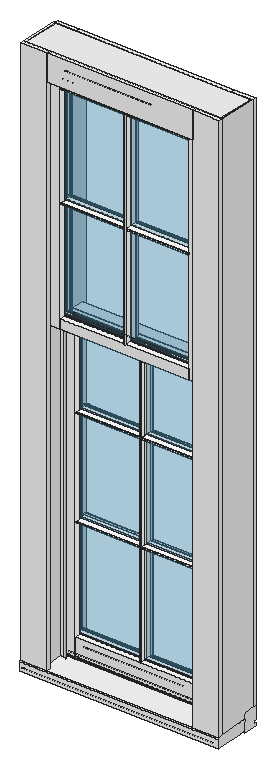
Revit family "B1-46", category Generic Models, Revit 2012 (continued)
Forms (mm)
  Extrusion 85, solid, material "White" <- "Floor Material", detail levels fine
    sketch origin (450.141, -53.004, 1632.14) x (0, 0, 1) y (0, 1, 0)
      loop
        line (-6.825, 99.5) -> (-6.825, 97) -> (-8.825, 97) -> (-8.825, 91)
      loop
        line (-8.825, 61.911) -> (-1.376, 53.757) -> (-1.376, 51.757) -> (3.624, 51.757) -> (3.624, 53.757) -> (11.175, 64.711) -> (-8.825, 64.711) -> (-8.825, 61.911)
    from 625.219 to 1118.062
  Extrusion 86, solid, material "White" <- "Floor Material"
    sketch origin (450.141, 0, 2031.409) x (0, 0, 1) y (0, 1, 0)
      loop
        line (-408.094, 34) -> (-408.094, 18) -> (-388.094, 18) -> (-388.094, 34) -> (-408.094, 34)
    from 624.219 to 1108
  Extrusion 87, solid, material "White" <- "Floor Material"
    sketch origin (911.333, -571.902, 1866.371) x (0, 0, -1) y (0, -1, 0)
      loop
        line (-162.504, -643.402) -> (-199.504, -643.402)
        arc (-199.504, -643.402) -> (-201.625, -644.281) -> (-202.504, -646.402) r 3
        line (-202.504, -646.402) -> (-202.504, -651.402) -> (-196.504, -651.402) -> (-196.504, -654.402) -> (-202.504, -654.402) -> (-202.504, -667.402) -> (-196.504, -667.402) -> (-196.504, -679.402) -> (-202.504, -679.402) -> (-202.504, -700.402)
        arc (-202.504, -700.402) -> (-201.625, -702.524) -> (-199.504, -703.402) r 3
        line (-199.504, -703.402) -> (-162.504, -703.402) -> (-162.504, -643.402)
    from 1080.412 to 1585.254
  Extrusion 88, solid, material "White" <- "Floor Material"
    sketch origin (-1539.933, -714.403, 1867.496) x (0, 0, -1) y (0, 1, 0)
      loop
        arc (-199.504, 774.402) -> (-201.625, 773.524) -> (-202.504, 771.402) r 3
        line (-202.504, 771.402) -> (-202.504, 766.402) -> (-196.504, 766.402) -> (-196.504, 763.402) -> (-202.504, 763.402) -> (-202.504, 750.402) -> (-196.504, 750.402) -> (-196.504, 738.402) -> (-202.504, 738.402) -> (-202.504, 717.402)
        arc (-202.504, 717.402) -> (-201.625, 715.281) -> (-199.504, 714.402) r 3
        line (-199.504, 714.402) -> (-156.504, 714.402) -> (-146.504, 724.402) -> (-146.504, 726.402) -> (-162.504, 726.402) -> (-162.504, 774.402) -> (-199.504, 774.402)
    from 872.011 to 1364.854
  Extrusion 89, solid, material "White" <- "Floor Material", detail levels fine
    sketch origin (450.141, 19.711, 511.865) x (0, 0, 1) y (0, 1, 0)
      loop
        line (365.175, 91) -> (385.175, 91) -> (385.175, 97) -> (383.175, 97) -> (383.175, 99.5)
        arc (383.175, 99.5) -> (381.469, 104.016) -> (377.675, 107) r 9
        line (377.675, 107) -> (377.675, 109) -> (372.675, 109) -> (372.675, 107)
        arc (372.675, 107) -> (368.881, 104.016) -> (367.175, 99.5) r 9
        line (367.175, 99.5) -> (367.175, 97) -> (365.175, 97) -> (365.175, 91)
      loop
        line (365.175, 61.911) -> (372.624, 53.757) -> (372.624, 51.757) -> (377.624, 51.757) -> (377.624, 53.757) -> (385.175, 64.711) -> (365.175, 64.711) -> (365.175, 61.911)
    from 625.219 to 1118.062
  Extrusion 90, solid, material "White" <- "Floor Material"
    sketch origin (450.141, 72.715, 911.134) x (0, 0, 1) y (0, 1, 0)
      loop
        line (-34.094, 34) -> (-34.094, 18) -> (-14.094, 18) -> (-14.094, 34) -> (-34.094, 34)
    from 624.219 to 1108
Dimensions and locks
  plane 4 to level = 2144 mm
  plane 8 to plane 5 = 131 mm
  plane 9 to plane 7 = 174 mm
  locked: plane 10 to plane 11 at 44
  locked: plane 4 to plane 12 at 100
  locked: plane 13 to plane 12 at 14
  plane 14 to level = 33 mm
  locked: Extrusion 56 to Extrusion 56 at 6
  Extrusion 4 to Extrusion 4 = 4 mm
  locked: plane 4 to plane 15 at 82
  plane 16 to level = 68 mm
  plane 16 to plane 2 = 68 mm
  plane 19 to plane 12 = 100 mm
  "Width": plane 17 to plane 5
  locked: Extrusion 78 to Extrusion 78 at 6
  plane 17 to plane 22 = 131 mm
  Extrusion 81 sketch curve to Extrusion 81 sketch curve = 8 mm  (x2)
  Extrusion 81 sketch curve to Extrusion 81 sketch curve = 26 mm
  plane 19 to level = 2144 mm
  plane 26 to level = 1628.52 mm
  plane 12 to plane 27 = 30.062 mm
  plane 28 to level = 503.56 mm
  plane 29 to level = 877.04 mm
  aligned and locked: level to plane 2
  aligned and locked: Extrusion 5 to Extrusion 6
  aligned and locked: Extrusion 33 to Extrusion 32
  aligned and locked: Extrusion 15 to plane 8
  aligned and locked: Extrusion 13 to plane 8
  aligned and locked: Extrusion 20 to plane 8
  aligned and locked: Extrusion 17 to plane 8
  aligned and locked: Extrusion 19 to plane 8
  aligned and locked: Extrusion 16 to plane 8
  aligned and locked: Extrusion 18 to plane 8
  aligned and locked: Extrusion 21 to plane 8
  aligned and locked: Extrusion 8 to plane 8
  aligned and locked: Extrusion 10 to plane 8
  aligned and locked: Extrusion 3 to plane 8
  aligned and locked: Extrusion 9 to plane 8
  aligned and locked: Extrusion 5 to plane 8
  aligned and locked: Extrusion 7 to plane 8
  aligned and locked: Extrusion 2 to plane 8
  aligned and locked: Extrusion 6 to plane 8
  aligned and locked: Extrusion 9 to Extrusion 15
  aligned and locked: Extrusion 8 to Extrusion 15
  aligned and locked: Extrusion 28 to plane 8
  aligned and locked: Extrusion 26 to plane 8
  aligned and locked: Extrusion 30 to plane 8
  aligned and locked: Extrusion 33 to plane 8
  aligned and locked: Extrusion 32 to plane 8
  aligned and locked: Extrusion 34 to plane 8
  aligned and locked: Extrusion 35 to plane 8
  aligned and locked: Extrusion 31 to plane 8
  aligned and locked: Extrusion 27 to plane 8
  aligned and locked: Extrusion 4 to plane 8
  aligned and locked: plane 10 to Extrusion 2
  aligned and locked: plane 11 to Extrusion 1
  aligned and locked: Extrusion 42 to plane 11
  aligned and locked: Extrusion 41 to plane 11
  aligned and locked: plane 13 to Extrusion 41
  aligned and locked: plane 13 to Extrusion 42
  aligned and locked: plane 13 to Extrusion 52
  aligned and locked: plane 13 to Extrusion 51
  aligned and locked: plane 13 to Extrusion 50
  aligned and locked: plane 13 to Extrusion 44
  aligned and locked: Extrusion 14 to Extrusion 53
  aligned and locked: Extrusion 24 to plane 17
  aligned and locked: plane 20 to Extrusion 55
  aligned and locked: plane 4 to Extrusion 54
  aligned and locked: plane 4 to Extrusion 56
  aligned and locked: Sweep 58 sketch curve to plane 21
Automatic sketch dimensions
  plane 10 to Extrusion 3 sketch curve = 1.398 mm  (x2)
  Extrusion 3 sketch curve to plane 1 "Center (Front/Back)" = 12 mm
  Extrusion 3 sketch curve to Extrusion 3 sketch curve = 2 mm  (x2)
  plane 10 to Extrusion 3 sketch curve = 1.89 mm
  Extrusion 3 sketch curve to Extrusion 3 sketch curve = 24 mm  (x2)
  Extrusion 3 sketch curve to Extrusion 3 sketch curve = 3 mm  (x2)
  Extrusion 3 sketch curve to Extrusion 3 sketch curve = 4 mm  (x2)
  plane 11 to Extrusion 3 sketch curve = 4.398 mm
  Extrusion 3 sketch curve to Extrusion 3 sketch curve = 42 mm
  plane 11 to Extrusion 3 sketch curve = 0.907 mm
  plane 11 to Extrusion 3 sketch curve = 5.398 mm
  plane 11 to Extrusion 3 sketch curve = 1.398 mm  (x2)
  plane 11 to Extrusion 3 sketch curve = 1.153 mm
  Extrusion 3 sketch curve to Extrusion 3 sketch curve = 0.246 mm
  Extrusion 3 sketch curve to plane 10 = 2.602 mm
  Extrusion 3 sketch curve to plane 10 = 1.602 mm
  Extrusion 3 sketch curve to plane 10 = 1.356 mm
  plane 10 to Extrusion 3 sketch curve = 1.644 mm
  plane 7 to Extrusion 4 sketch curve = 67.764 mm
  Extrusion 4 sketch curve to Extrusion 4 sketch curve = 4 mm  (x2)
  plane 11 to Extrusion 4 sketch curve = 5.398 mm
  Extrusion 4 sketch curve to Extrusion 4 sketch curve = 16 mm
  plane 11 to Extrusion 4 sketch curve = 3.398 mm
  plane 16 to Extrusion 4 sketch curve = 49.004 mm
  Extrusion 4 sketch curve to Extrusion 4 sketch curve = 0 mm
  Extrusion 5 sketch curve to plane 10 = 14.702 mm
  Extrusion 5 sketch curve to plane 1 "Center (Front/Back)" = 61.71 mm
  Extrusion 5 sketch curve to Extrusion 5 sketch curve = 0.207 mm
  Extrusion 5 sketch curve to Extrusion 5 sketch curve = 0.208 mm
  Extrusion 5 sketch curve to Extrusion 5 sketch curve = 0.097 mm  (x2)
  Extrusion 5 sketch curve to Extrusion 5 sketch curve = 0.695 mm
  Extrusion 5 sketch curve to Extrusion 5 sketch curve = 0.01 mm
  Extrusion 5 sketch curve to Extrusion 5 sketch curve = 0.515 mm
  Extrusion 5 sketch curve to Extrusion 5 sketch curve = 0.807 mm
  Extrusion 5 sketch curve to Extrusion 5 sketch curve = 0.052 mm
  Extrusion 5 sketch curve to Extrusion 5 sketch curve = 0.494 mm
  Extrusion 5 sketch curve to Extrusion 5 sketch curve = 0.432 mm
  Extrusion 5 sketch curve to Extrusion 5 sketch curve = 0.799 mm
  Extrusion 5 sketch curve to Extrusion 5 sketch curve = 0.784 mm
  Extrusion 5 sketch curve to Extrusion 5 sketch curve = 0.893 mm  (x3)
  Extrusion 5 sketch curve to Extrusion 5 sketch curve = 3.071 mm
  Extrusion 5 sketch curve to Extrusion 5 sketch curve = 2.464 mm
  Extrusion 5 sketch curve to Extrusion 5 sketch curve = 0.602 mm  (x2)
  Extrusion 5 sketch curve to Extrusion 5 sketch curve = 2.962 mm
  Extrusion 5 sketch curve to Extrusion 5 sketch curve = 0.109 mm
  Extrusion 5 sketch curve to Extrusion 5 sketch curve = 0.606 mm
  Extrusion 5 sketch curve to Extrusion 5 sketch curve = 1.622 mm
  Extrusion 5 sketch curve to Extrusion 5 sketch curve = 0.373 mm
  Extrusion 5 sketch curve to Extrusion 5 sketch curve = 2.848 mm
  Extrusion 5 sketch curve to Extrusion 5 sketch curve = 0.798 mm
  Extrusion 5 sketch curve to Extrusion 5 sketch curve = 0.078 mm
  Extrusion 5 sketch curve to Extrusion 5 sketch curve = 0.64 mm
  Extrusion 5 sketch curve to Extrusion 5 sketch curve = 0.422 mm
  Extrusion 5 sketch curve to Extrusion 5 sketch curve = 1.377 mm
  Extrusion 5 sketch curve to Extrusion 5 sketch curve = 1.698 mm
  Extrusion 5 sketch curve to Extrusion 5 sketch curve = 0.083 mm
  Extrusion 5 sketch curve to Extrusion 5 sketch curve = 2.325 mm
  Extrusion 5 sketch curve to Extrusion 5 sketch curve = 2.362 mm
  Extrusion 5 sketch curve to Extrusion 5 sketch curve = 0.218 mm
  Extrusion 5 sketch curve to Extrusion 5 sketch curve = 0.794 mm  (x2)
  Extrusion 5 sketch curve to Extrusion 5 sketch curve = 0.584 mm
  Extrusion 5 sketch curve to Extrusion 5 sketch curve = 0.621 mm
  Extrusion 5 sketch curve to Extrusion 5 sketch curve = 0.663 mm
  Extrusion 5 sketch curve to Extrusion 5 sketch curve = 0.085 mm
  Extrusion 5 sketch curve to Extrusion 5 sketch curve = 0.645 mm
  Extrusion 5 sketch curve to Extrusion 5 sketch curve = 1.316 mm
  Extrusion 5 sketch curve to Extrusion 5 sketch curve = 0.482 mm
  Extrusion 5 sketch curve to Extrusion 5 sketch curve = 0.026 mm
  Extrusion 5 sketch curve to Extrusion 5 sketch curve = 2.763 mm
  Extrusion 5 sketch curve to Extrusion 5 sketch curve = 0.86 mm
  Extrusion 6 sketch curve to plane 10 = 14.602 mm
  Extrusion 6 sketch curve to plane 1 "Center (Front/Back)" = 61.71 mm
  Extrusion 6 sketch curve to Extrusion 6 sketch curve = 0.208 mm
  Extrusion 6 sketch curve to Extrusion 6 sketch curve = 0.098 mm
  Extrusion 6 sketch curve to Extrusion 6 sketch curve = 0.097 mm  (x5)
  Extrusion 6 sketch curve to Extrusion 6 sketch curve = 0.697 mm  (x2)
  Extrusion 6 sketch curve to Extrusion 6 sketch curve = 0.518 mm
  Extrusion 6 sketch curve to Extrusion 6 sketch curve = 0.694 mm
  Extrusion 6 sketch curve to Extrusion 6 sketch curve = 0.165 mm
  Extrusion 6 sketch curve to Extrusion 6 sketch curve = 0.689 mm
  Extrusion 6 sketch curve to Extrusion 6 sketch curve = 0.644 mm
  Extrusion 6 sketch curve to Extrusion 6 sketch curve = 0.799 mm
  Extrusion 6 sketch curve to Extrusion 6 sketch curve = 0.794 mm  (x4)
  Extrusion 6 sketch curve to Extrusion 6 sketch curve = 3.119 mm
  Extrusion 6 sketch curve to Extrusion 6 sketch curve = 2.365 mm
  Extrusion 6 sketch curve to Extrusion 6 sketch curve = 0.661 mm  (x2)
  Extrusion 6 sketch curve to Extrusion 6 sketch curve = 3.021 mm
  Extrusion 6 sketch curve to Extrusion 6 sketch curve = 0.541 mm
  Extrusion 6 sketch curve to Extrusion 6 sketch curve = 1.585 mm
  Extrusion 6 sketch curve to Extrusion 6 sketch curve = 0.629 mm
  Extrusion 6 sketch curve to Extrusion 6 sketch curve = 2.86 mm
  Extrusion 6 sketch curve to Extrusion 6 sketch curve = 0.091 mm
  Extrusion 6 sketch curve to Extrusion 6 sketch curve = 0.411 mm
  Extrusion 6 sketch curve to Extrusion 6 sketch curve = 0.739 mm
  Extrusion 6 sketch curve to Extrusion 6 sketch curve = 0.509 mm
  Extrusion 6 sketch curve to Extrusion 6 sketch curve = 1.464 mm
  Extrusion 6 sketch curve to Extrusion 6 sketch curve = 1.698 mm
  Extrusion 6 sketch curve to Extrusion 6 sketch curve = 0.134 mm
  Extrusion 6 sketch curve to Extrusion 6 sketch curve = 2.325 mm
  Extrusion 6 sketch curve to Extrusion 6 sketch curve = 2.323 mm
  Extrusion 6 sketch curve to Extrusion 6 sketch curve = 0.2 mm
  Extrusion 6 sketch curve to Extrusion 6 sketch curve = 0.501 mm
  Extrusion 6 sketch curve to Extrusion 6 sketch curve = 0.092 mm
  Extrusion 6 sketch curve to Extrusion 6 sketch curve = 0.722 mm
  Extrusion 6 sketch curve to Extrusion 6 sketch curve = 0.763 mm
  Extrusion 6 sketch curve to Extrusion 6 sketch curve = 0.744 mm
  Extrusion 6 sketch curve to Extrusion 6 sketch curve = 1.416 mm
  Extrusion 6 sketch curve to Extrusion 6 sketch curve = 0.365 mm
  Extrusion 6 sketch curve to Extrusion 6 sketch curve = 0.077 mm
  Extrusion 6 sketch curve to Extrusion 6 sketch curve = 2.759 mm
  Extrusion 6 sketch curve to Extrusion 6 sketch curve = 0.941 mm
  Extrusion 7 sketch curve to plane 10 = 14.319 mm
  Extrusion 7 sketch curve to plane 1 "Center (Front/Back)" = 56.897 mm
  Extrusion 7 sketch curve to Extrusion 7 sketch curve = 0.097 mm  (x2)
  Extrusion 7 sketch curve to Extrusion 7 sketch curve = 0.233 mm
  Extrusion 7 sketch curve to Extrusion 7 sketch curve = 0.437 mm
  Extrusion 7 sketch curve to Extrusion 7 sketch curve = 0.496 mm
  Extrusion 7 sketch curve to Extrusion 7 sketch curve = 0.065 mm
  Extrusion 7 sketch curve to Extrusion 7 sketch curve = 0.807 mm
  Extrusion 7 sketch curve to Extrusion 7 sketch curve = 0.052 mm
  Extrusion 7 sketch curve to Extrusion 7 sketch curve = 0.552 mm
  Extrusion 7 sketch curve to Extrusion 7 sketch curve = 0.432 mm
  Extrusion 7 sketch curve to Extrusion 7 sketch curve = 0.07 mm
  Extrusion 7 sketch curve to Extrusion 7 sketch curve = 0.799 mm
  Extrusion 7 sketch curve to Extrusion 7 sketch curve = 2.464 mm
  Extrusion 7 sketch curve to Extrusion 7 sketch curve = 5.127 mm
  Extrusion 7 sketch curve to Extrusion 7 sketch curve = 0.03 mm
  Extrusion 7 sketch curve to Extrusion 7 sketch curve = 0.032 mm
  Extrusion 7 sketch curve to Extrusion 7 sketch curve = 0.218 mm
  Extrusion 7 sketch curve to Extrusion 7 sketch curve = 0.346 mm
  Extrusion 7 sketch curve to Extrusion 7 sketch curve = 0.794 mm  (x2)
  Extrusion 7 sketch curve to Extrusion 7 sketch curve = 0.584 mm
  Extrusion 7 sketch curve to Extrusion 7 sketch curve = 0.621 mm
  Extrusion 7 sketch curve to Extrusion 7 sketch curve = 0.663 mm
  Extrusion 7 sketch curve to Extrusion 7 sketch curve = 4.187 mm
  Extrusion 7 sketch curve to Extrusion 7 sketch curve = 0.013 mm
  Extrusion 7 sketch curve to Extrusion 7 sketch curve = 0.465 mm
  Extrusion 7 sketch curve to Extrusion 7 sketch curve = 0.061 mm
  Extrusion 7 sketch curve to Extrusion 7 sketch curve = 0.661 mm
  Extrusion 7 sketch curve to Extrusion 7 sketch curve = 0.251 mm
  plane 11 to Extrusion 8 sketch curve = 17.781 mm
  Extrusion 8 sketch curve to plane 1 "Center (Front/Back)" = 69.29 mm
  Extrusion 8 sketch curve to Extrusion 8 sketch curve = 0.207 mm
  Extrusion 8 sketch curve to Extrusion 8 sketch curve = 0.208 mm
  Extrusion 8 sketch curve to Extrusion 8 sketch curve = 0.097 mm  (x2)
  Extrusion 8 sketch curve to Extrusion 8 sketch curve = 0.695 mm
  Extrusion 8 sketch curve to Extrusion 8 sketch curve = 0.01 mm
  Extrusion 8 sketch curve to Extrusion 8 sketch curve = 0.515 mm
  Extrusion 8 sketch curve to Extrusion 8 sketch curve = 0.807 mm
  Extrusion 8 sketch curve to Extrusion 8 sketch curve = 0.052 mm
  Extrusion 8 sketch curve to Extrusion 8 sketch curve = 0.494 mm
  Extrusion 8 sketch curve to Extrusion 8 sketch curve = 0.432 mm
  Extrusion 8 sketch curve to Extrusion 8 sketch curve = 0.799 mm
  Extrusion 8 sketch curve to Extrusion 8 sketch curve = 0.784 mm
  Extrusion 8 sketch curve to Extrusion 8 sketch curve = 0.893 mm  (x3)
  Extrusion 8 sketch curve to Extrusion 8 sketch curve = 3.071 mm
  Extrusion 8 sketch curve to Extrusion 8 sketch curve = 2.464 mm
  Extrusion 8 sketch curve to Extrusion 8 sketch curve = 0.602 mm  (x2)
  Extrusion 8 sketch curve to Extrusion 8 sketch curve = 2.962 mm
  Extrusion 8 sketch curve to Extrusion 8 sketch curve = 0.109 mm
  Extrusion 8 sketch curve to Extrusion 8 sketch curve = 0.606 mm
  Extrusion 8 sketch curve to Extrusion 8 sketch curve = 1.622 mm
  Extrusion 8 sketch curve to Extrusion 8 sketch curve = 0.373 mm
  Extrusion 8 sketch curve to Extrusion 8 sketch curve = 2.848 mm
  Extrusion 8 sketch curve to Extrusion 8 sketch curve = 0.798 mm
  Extrusion 8 sketch curve to Extrusion 8 sketch curve = 0.078 mm
  Extrusion 8 sketch curve to Extrusion 8 sketch curve = 0.64 mm
  Extrusion 8 sketch curve to Extrusion 8 sketch curve = 0.422 mm
  Extrusion 8 sketch curve to Extrusion 8 sketch curve = 1.377 mm
  Extrusion 8 sketch curve to Extrusion 8 sketch curve = 1.698 mm
  Extrusion 8 sketch curve to Extrusion 8 sketch curve = 0.083 mm
  Extrusion 8 sketch curve to Extrusion 8 sketch curve = 2.325 mm
  Extrusion 8 sketch curve to Extrusion 8 sketch curve = 2.362 mm
  Extrusion 8 sketch curve to Extrusion 8 sketch curve = 0.218 mm
  Extrusion 8 sketch curve to Extrusion 8 sketch curve = 0.794 mm  (x2)
  Extrusion 8 sketch curve to Extrusion 8 sketch curve = 0.584 mm
  Extrusion 8 sketch curve to Extrusion 8 sketch curve = 0.621 mm
  Extrusion 8 sketch curve to Extrusion 8 sketch curve = 0.663 mm
  Extrusion 8 sketch curve to Extrusion 8 sketch curve = 0.085 mm
  Extrusion 8 sketch curve to Extrusion 8 sketch curve = 0.645 mm
  Extrusion 8 sketch curve to Extrusion 8 sketch curve = 1.316 mm
  Extrusion 8 sketch curve to Extrusion 8 sketch curve = 0.482 mm
  Extrusion 8 sketch curve to Extrusion 8 sketch curve = 0.026 mm
  Extrusion 8 sketch curve to Extrusion 8 sketch curve = 2.763 mm
  Extrusion 8 sketch curve to Extrusion 8 sketch curve = 0.86 mm
  plane 11 to Extrusion 9 sketch curve = 17.398 mm
  Extrusion 9 sketch curve to plane 1 "Center (Front/Back)" = 74.103 mm
  Extrusion 9 sketch curve to Extrusion 9 sketch curve = 0.097 mm  (x2)
  Extrusion 9 sketch curve to Extrusion 9 sketch curve = 0.233 mm
  Extrusion 9 sketch curve to Extrusion 9 sketch curve = 0.437 mm
  Extrusion 9 sketch curve to Extrusion 9 sketch curve = 0.496 mm
  Extrusion 9 sketch curve to Extrusion 9 sketch curve = 0.065 mm
  Extrusion 9 sketch curve to Extrusion 9 sketch curve = 0.807 mm
  Extrusion 9 sketch curve to Extrusion 9 sketch curve = 0.052 mm
  Extrusion 9 sketch curve to Extrusion 9 sketch curve = 0.552 mm
  Extrusion 9 sketch curve to Extrusion 9 sketch curve = 0.432 mm
  Extrusion 9 sketch curve to Extrusion 9 sketch curve = 0.07 mm
  Extrusion 9 sketch curve to Extrusion 9 sketch curve = 0.799 mm
  Extrusion 9 sketch curve to Extrusion 9 sketch curve = 2.464 mm
  Extrusion 9 sketch curve to Extrusion 9 sketch curve = 5.127 mm
  Extrusion 9 sketch curve to Extrusion 9 sketch curve = 0.03 mm
  Extrusion 9 sketch curve to Extrusion 9 sketch curve = 0.032 mm
  Extrusion 9 sketch curve to Extrusion 9 sketch curve = 0.218 mm
  Extrusion 9 sketch curve to Extrusion 9 sketch curve = 0.346 mm
  Extrusion 9 sketch curve to Extrusion 9 sketch curve = 0.794 mm  (x2)
  Extrusion 9 sketch curve to Extrusion 9 sketch curve = 0.584 mm
  Extrusion 9 sketch curve to Extrusion 9 sketch curve = 0.621 mm
  Extrusion 9 sketch curve to Extrusion 9 sketch curve = 0.663 mm
  Extrusion 9 sketch curve to Extrusion 9 sketch curve = 4.187 mm
  Extrusion 9 sketch curve to Extrusion 9 sketch curve = 0.013 mm
  Extrusion 9 sketch curve to Extrusion 9 sketch curve = 0.465 mm
  Extrusion 9 sketch curve to Extrusion 9 sketch curve = 0.061 mm
  Extrusion 9 sketch curve to Extrusion 9 sketch curve = 0.661 mm
  Extrusion 9 sketch curve to Extrusion 9 sketch curve = 0.251 mm
  Extrusion 10 sketch curve to plane 1 "Center (Front/Back)" = 12 mm
  Extrusion 10 sketch curve to Extrusion 10 sketch curve = 26 mm  (x2)
  plane 11 to Extrusion 10 sketch curve = 13.398 mm
  Extrusion 10 sketch curve to Extrusion 10 sketch curve = 45 mm
  Extrusion 10 sketch curve to Extrusion 10 sketch curve = 4 mm  (x2)
  Extrusion 10 sketch curve to plane 10 = 14.602 mm
  plane 27 to Extrusion 13 sketch curve = 3 mm
  Extrusion 13 sketch curve to plane 1 "Center (Front/Back)" = 38.25 mm
  Extrusion 13 sketch curve to Extrusion 13 sketch curve = 3 mm  (x2)
  plane 15 to Extrusion 13 sketch curve = 7.62 mm
  Extrusion 13 sketch curve to Extrusion 13 sketch curve = 3.601 mm
  plane 15 to Extrusion 13 sketch curve = 11.305 mm
  Extrusion 13 sketch curve to Extrusion 13 sketch curve = 0.187 mm
  Extrusion 13 sketch curve to plane 27 = 1 mm
  Extrusion 13 sketch curve to Extrusion 13 sketch curve = 1 mm
  Extrusion 13 sketch curve to Extrusion 13 sketch curve = 0.649 mm
  plane 15 to Extrusion 13 sketch curve = 10.497 mm
  Extrusion 13 sketch curve to Extrusion 13 sketch curve = 2.265 mm
  Extrusion 13 sketch curve to Extrusion 13 sketch curve = 0.863 mm
  Extrusion 13 sketch curve to Extrusion 13 sketch curve = 0.001 mm
  Extrusion 13 sketch curve to Extrusion 13 sketch curve = 5 mm  (x2)
  plane 15 to Extrusion 13 sketch curve = 15.566 mm
  Extrusion 13 sketch curve to Extrusion 13 sketch curve = 1.118 mm
  Extrusion 13 sketch curve to Extrusion 13 sketch curve = 0.702 mm  (x2)
  plane 15 to Extrusion 13 sketch curve = 14.005 mm
  plane 15 to Extrusion 13 sketch curve = 2.625 mm
  Extrusion 13 sketch curve to Extrusion 13 sketch curve = 5.889 mm
  Extrusion 13 sketch curve to Extrusion 13 sketch curve = 0.861 mm
  Extrusion 13 sketch curve to Extrusion 13 sketch curve = 1.943 mm
  Extrusion 13 sketch curve to Extrusion 13 sketch curve = 1.982 mm
  plane 15 to Extrusion 13 sketch curve = 2.22 mm
  Extrusion 13 sketch curve to Extrusion 13 sketch curve = 0.1 mm
  Extrusion 13 sketch curve to Extrusion 13 sketch curve = 1.022 mm
  Extrusion 13 sketch curve to Extrusion 13 sketch curve = 0.095 mm
  Extrusion 13 sketch curve to Extrusion 13 sketch curve = 0.7 mm
  Extrusion 13 sketch curve to Extrusion 13 sketch curve = 1.018 mm
  Extrusion 13 sketch curve to Extrusion 13 sketch curve = 8 mm
  plane 27 to Extrusion 13 sketch curve = 2 mm
  Extrusion 13 sketch curve to Extrusion 13 sketch curve = 0.405 mm
  Extrusion 13 sketch curve to Extrusion 13 sketch curve = 1.234 mm
  Extrusion 13 sketch curve to Extrusion 13 sketch curve = 2.583 mm
  Extrusion 13 sketch curve to Extrusion 13 sketch curve = 0.9 mm
  Extrusion 13 sketch curve to Extrusion 13 sketch curve = 1.71 mm
  plane 1 "Center (Front/Back)" to Extrusion 14 sketch curve = 1.25 mm
  Extrusion 14 sketch curve to plane 4 = 6 mm
  plane 7 to Extrusion 14 sketch curve = 20 mm
  plane 15 to Extrusion 14 sketch curve = 32 mm
  Extrusion 15 sketch curve to plane 12 = 0 mm  (x2)
  plane 10 to Extrusion 15 sketch curve = 1.89 mm  (x2)
  Extrusion 15 sketch curve to plane 1 "Center (Front/Back)" = 14 mm
  Extrusion 15 sketch curve to Extrusion 15 sketch curve = 4 mm  (x2)
  Extrusion 15 sketch curve to Extrusion 15 sketch curve = 16.25 mm
  plane 1 "Center (Front/Back)" to Extrusion 16 sketch curve = 3.465 mm
  Extrusion 16 sketch curve to Extrusion 16 sketch curve = 1.414 mm
  Extrusion 16 sketch curve to plane 15 = 1.206 mm
  Extrusion 16 sketch curve to plane 15 = 0.117 mm
  plane 15 to Extrusion 16 sketch curve = 2.992 mm
  Extrusion 16 sketch curve to Extrusion 16 sketch curve = 1.085 mm
  plane 15 to Extrusion 17 sketch curve = 2.687 mm
  plane 1 "Center (Front/Back)" to Extrusion 17 sketch curve = 8.25 mm
  plane 15 to Extrusion 17 sketch curve = 0.187 mm
  Extrusion 17 sketch curve to Extrusion 17 sketch curve = 4 mm
  Extrusion 17 sketch curve to Extrusion 17 sketch curve = 0 mm
  Extrusion 17 sketch curve to Extrusion 17 sketch curve = 0.786 mm
  Extrusion 17 sketch curve to Extrusion 17 sketch curve = 1.414 mm  (x2)
  Extrusion 17 sketch curve to Extrusion 17 sketch curve = 0.8 mm  (x2)
  Extrusion 17 sketch curve to plane 15 = 0.117 mm
  Extrusion 17 sketch curve to plane 15 = 1.206 mm
  Extrusion 17 sketch curve to Extrusion 17 sketch curve = 0.857 mm  (x2)
  plane 15 to Extrusion 17 sketch curve = 2.992 mm
  Extrusion 17 sketch curve to Extrusion 17 sketch curve = 1.089 mm
  plane 1 "Center (Front/Back)" to Extrusion 18 sketch curve = 2.05 mm
  Extrusion 18 sketch curve to plane 1 "Center (Front/Back)" = 2.612 mm
  Extrusion 18 sketch curve to plane 15 = 1.419 mm
  plane 15 to Extrusion 18 sketch curve = 0.664 mm
  Extrusion 18 sketch curve to Extrusion 18 sketch curve = 1.235 mm
  plane 15 to Extrusion 18 sketch curve = 4.262 mm
  plane 15 to Extrusion 19 sketch curve = 4.078 mm
  plane 7 to Extrusion 19 sketch curve = 17.786 mm
  Extrusion 19 sketch curve to Extrusion 19 sketch curve = 1.414 mm
  Extrusion 19 sketch curve to Extrusion 19 sketch curve = 1.085 mm
  Extrusion 19 sketch curve to plane 15 = 0.117 mm
  Extrusion 19 sketch curve to Extrusion 19 sketch curve = 1.089 mm
  Extrusion 20 sketch curve to plane 15 = 1.899 mm
  Extrusion 20 sketch curve to plane 7 = 19.2 mm
  plane 15 to Extrusion 20 sketch curve = 1.419 mm
  Extrusion 20 sketch curve to Extrusion 20 sketch curve = 4.662 mm
  Extrusion 20 sketch curve to plane 15 = 0.664 mm
  Extrusion 20 sketch curve to plane 15 = 4.262 mm
  Extrusion 21 sketch curve to plane 27 = 0 mm
  plane 27 to Extrusion 21 sketch curve = 3 mm  (x2)
  Extrusion 21 sketch curve to plane 1 "Center (Front/Back)" = 12.25 mm
  Extrusion 21 sketch curve to Extrusion 21 sketch curve = 1.75 mm
  Extrusion 21 sketch curve to Extrusion 21 sketch curve = 24.25 mm
  Extrusion 21 sketch curve to Extrusion 21 sketch curve = 3 mm
  Extrusion 21 sketch curve to plane 27 = 1 mm
  Extrusion 21 sketch curve to Extrusion 21 sketch curve = 4 mm
  plane 27 to Extrusion 21 sketch curve = 0.215 mm
  plane 1 "Center (Front/Back)" to Extrusion 22 sketch curve = 6.25 mm
  plane 1 "Center (Front/Back)" to Extrusion 22 sketch curve = 1.25 mm  (x2)
  plane 15 to Extrusion 22 sketch curve = 6 mm  (x2)
  Extrusion 22 sketch curve to plane 1 "Center (Front/Back)" = 61.75 mm
  Extrusion 22 sketch curve to Extrusion 22 sketch curve = 8 mm  (x2)
  plane 7 to Extrusion 22 sketch curve = 15 mm
  Extrusion 22 sketch curve to Extrusion 22 sketch curve = 7 mm
  Extrusion 22 sketch curve to Extrusion 22 sketch curve = 9 mm
  Extrusion 22 sketch curve to plane 4 = 6 mm
  Extrusion 23 sketch curve to plane 14 = 0 mm
  Extrusion 23 sketch curve to level = 0 mm  (x2)
  plane 7 to Extrusion 23 sketch curve = 49.25 mm
  level to Extrusion 23 sketch curve = 5 mm
  Extrusion 23 sketch curve to Extrusion 23 sketch curve = 5 mm  (x2)
  Extrusion 23 sketch curve to Extrusion 23 sketch curve = 20 mm
  level to Extrusion 23 sketch curve = 2 mm
  Extrusion 23 sketch curve to plane 6 = 6.75 mm
  Extrusion 23 sketch curve to Extrusion 23 sketch curve = 3 mm
  plane 6 to Extrusion 23 sketch curve = 1.25 mm
  plane 14 to Extrusion 23 sketch curve = 0.098 mm
  plane 6 to Extrusion 23 sketch curve = 1.616 mm
  Extrusion 23 sketch curve to plane 14 = 2.879 mm
  plane 14 to Extrusion 23 sketch curve = 15 mm
  Extrusion 24 sketch curve to level = 0 mm
  Extrusion 24 sketch curve to plane 16 = 0 mm
  Extrusion 24 sketch curve to plane 14 = 0 mm
  plane 7 to Extrusion 24 sketch curve = 0.25 mm  (x2)
  Extrusion 24 sketch curve to Extrusion 24 sketch curve = 10 mm  (x2)
  Extrusion 24 sketch curve to Extrusion 24 sketch curve = 20 mm
  Extrusion 24 sketch curve to Extrusion 24 sketch curve = 39 mm
  Extrusion 24 sketch curve to Extrusion 24 sketch curve = 5 mm  (x2)
  Extrusion 24 sketch curve to plane 16 = 4.175 mm
  Extrusion 24 sketch curve to Extrusion 24 sketch curve = 4.913 mm  (x2)
  Extrusion 24 sketch curve to Extrusion 24 sketch curve = 3 mm
  Extrusion 24 sketch curve to plane 14 = 13 mm
  plane 7 to Extrusion 25 sketch curve = 21.75 mm
  Extrusion 25 sketch curve to Extrusion 25 sketch curve = 2.634 mm
  Extrusion 25 sketch curve to Extrusion 25 sketch curve = 3 mm  (x4)
  plane 16 to Extrusion 25 sketch curve = 2.389 mm
  Extrusion 25 sketch curve to Extrusion 25 sketch curve = 5.366 mm
  Extrusion 25 sketch curve to Extrusion 25 sketch curve = 11 mm  (x2)
  Extrusion 25 sketch curve to Extrusion 25 sketch curve = 26 mm
  Extrusion 25 sketch curve to Extrusion 25 sketch curve = 8 mm
  Extrusion 25 sketch curve to plane 16 = 16.295 mm
  Extrusion 25 sketch curve to Extrusion 25 sketch curve = 4 mm
  Extrusion 25 sketch curve to Extrusion 25 sketch curve = 14 mm
  Extrusion 25 sketch curve to Extrusion 25 sketch curve = 2 mm
  plane 14 to Extrusion 25 sketch curve = 15.571 mm
  Extrusion 25 sketch curve to Extrusion 25 sketch curve = 4.634 mm
  Extrusion 25 sketch curve to Extrusion 25 sketch curve = 0.366 mm
  plane 16 to Extrusion 25 sketch curve = 3.048 mm
  plane 16 to Extrusion 25 sketch curve = 5.67 mm  (x2)
  Extrusion 25 sketch curve to Extrusion 25 sketch curve = 5.632 mm
  Extrusion 25 sketch curve to Extrusion 25 sketch curve = 39.334 mm
  Extrusion 25 sketch curve to Extrusion 25 sketch curve = 0 mm
  Extrusion 25 sketch curve to Extrusion 25 sketch curve = 6 mm
  Extrusion 25 sketch curve to Extrusion 25 sketch curve = 10 mm
  plane 16 to Extrusion 25 sketch curve = 2.021 mm
  plane 16 to Extrusion 25 sketch curve = 0.67 mm
  Extrusion 25 sketch curve to Extrusion 25 sketch curve = 7.416 mm
  Extrusion 25 sketch curve to Extrusion 25 sketch curve = 2.409 mm
  Extrusion 25 sketch curve to Extrusion 25 sketch curve = 1.784 mm
  plane 7 to Extrusion 26 sketch curve = 17.224 mm
  Extrusion 26 sketch curve to Extrusion 26 sketch curve = 1.5 mm  (x2)
  Extrusion 26 sketch curve to Extrusion 26 sketch curve = 5.315 mm
  plane 16 to Extrusion 26 sketch curve = 11.278 mm
  Extrusion 26 sketch curve to Extrusion 26 sketch curve = 1.278 mm
  Extrusion 26 sketch curve to Extrusion 26 sketch curve = 1.655 mm  (x2)
  Extrusion 26 sketch curve to Extrusion 26 sketch curve = 1.69 mm
  plane 16 to Extrusion 26 sketch curve = 3.722 mm
  plane 7 to Extrusion 27 sketch curve = 24.75 mm
  Extrusion 27 sketch curve to Extrusion 27 sketch curve = 3 mm  (x3)
  Extrusion 27 sketch curve to Extrusion 27 sketch curve = 8 mm
  Extrusion 27 sketch curve to Extrusion 27 sketch curve = 4 mm  (x2)
  Extrusion 27 sketch curve to Extrusion 27 sketch curve = 1 mm
  plane 16 to Extrusion 27 sketch curve = 61.004 mm
  Extrusion 27 sketch curve to Extrusion 27 sketch curve = 5 mm
  plane 7 to Extrusion 28 sketch curve = 43.75 mm
  Extrusion 28 sketch curve to Extrusion 28 sketch curve = 24 mm
  Extrusion 28 sketch curve to Extrusion 28 sketch curve = 2 mm
  plane 16 to Extrusion 28 sketch curve = 58.25 mm
  Extrusion 28 sketch curve to Extrusion 28 sketch curve = 0.246 mm
  Extrusion 28 sketch curve to Extrusion 28 sketch curve = 9.246 mm
  Extrusion 28 sketch curve to Extrusion 28 sketch curve = 4 mm
  plane 14 to Extrusion 29 sketch curve = 15.645 mm
  plane 7 to Extrusion 29 sketch curve = 70.641 mm
  Extrusion 29 sketch curve to plane 16 = 14.53 mm
  Extrusion 29 sketch curve to Extrusion 29 sketch curve = 0.207 mm
  plane 14 to Extrusion 29 sketch curve = 17.343 mm
  Extrusion 29 sketch curve to Extrusion 29 sketch curve = 0.208 mm
  Extrusion 29 sketch curve to plane 16 = 13.736 mm
  Extrusion 29 sketch curve to Extrusion 29 sketch curve = 0.097 mm  (x2)
  Extrusion 29 sketch curve to Extrusion 29 sketch curve = 0.695 mm
  plane 14 to Extrusion 29 sketch curve = 14.86 mm
  Extrusion 29 sketch curve to Extrusion 29 sketch curve = 0.01 mm
  Extrusion 29 sketch curve to plane 16 = 16.892 mm
  Extrusion 29 sketch curve to Extrusion 29 sketch curve = 0.515 mm
  Extrusion 29 sketch curve to plane 16 = 13.729 mm
  Extrusion 29 sketch curve to Extrusion 29 sketch curve = 0.807 mm
  Extrusion 29 sketch curve to plane 16 = 13.065 mm
  Extrusion 29 sketch curve to Extrusion 29 sketch curve = 0.052 mm
  Extrusion 29 sketch curve to plane 16 = 16.975 mm
  Extrusion 29 sketch curve to Extrusion 29 sketch curve = 0.494 mm
  Extrusion 29 sketch curve to plane 16 = 14.312 mm
  Extrusion 29 sketch curve to Extrusion 29 sketch curve = 0.432 mm
  Extrusion 29 sketch curve to plane 16 = 13.107 mm
  Extrusion 29 sketch curve to Extrusion 29 sketch curve = 0.799 mm
  plane 14 to Extrusion 29 sketch curve = 17.022 mm
  Extrusion 29 sketch curve to Extrusion 29 sketch curve = 0.784 mm
  Extrusion 29 sketch curve to Extrusion 29 sketch curve = 0.893 mm
  plane 14 to Extrusion 29 sketch curve = 9.784 mm
  Extrusion 29 sketch curve to Extrusion 29 sketch curve = 3.071 mm
  Extrusion 29 sketch curve to plane 16 = 14.76 mm
  Extrusion 29 sketch curve to Extrusion 29 sketch curve = 2.464 mm
  Extrusion 29 sketch curve to plane 16 = 13.966 mm
  Extrusion 29 sketch curve to Extrusion 29 sketch curve = 0.602 mm  (x2)
  Extrusion 29 sketch curve to Extrusion 29 sketch curve = 2.962 mm
  plane 14 to Extrusion 29 sketch curve = 14.106 mm
  Extrusion 29 sketch curve to Extrusion 29 sketch curve = 0.109 mm
  plane 14 to Extrusion 29 sketch curve = 12.547 mm
  Extrusion 29 sketch curve to Extrusion 29 sketch curve = 0.606 mm
  Extrusion 29 sketch curve to Extrusion 29 sketch curve = 1.622 mm
  Extrusion 29 sketch curve to Extrusion 29 sketch curve = 0.373 mm
  Extrusion 29 sketch curve to Extrusion 29 sketch curve = 2.848 mm
  plane 14 to Extrusion 29 sketch curve = 12.039 mm
  Extrusion 29 sketch curve to Extrusion 29 sketch curve = 0.798 mm
  plane 14 to Extrusion 29 sketch curve = 16.068 mm
  Extrusion 29 sketch curve to Extrusion 29 sketch curve = 0.078 mm
  Extrusion 29 sketch curve to Extrusion 29 sketch curve = 0.64 mm
  Extrusion 29 sketch curve to Extrusion 29 sketch curve = 0.645 mm
  Extrusion 29 sketch curve to Extrusion 29 sketch curve = 0.026 mm
  Extrusion 29 sketch curve to Extrusion 29 sketch curve = 0.86 mm
  Extrusion 30 sketch curve to plane 16 = 14.53 mm
  plane 7 to Extrusion 30 sketch curve = 70.848 mm
  Extrusion 30 sketch curve to plane 16 = 13.736 mm
  Extrusion 30 sketch curve to Extrusion 30 sketch curve = 0.097 mm  (x2)
  plane 14 to Extrusion 30 sketch curve = 15.804 mm
  Extrusion 30 sketch curve to Extrusion 30 sketch curve = 0.233 mm
  Extrusion 30 sketch curve to Extrusion 30 sketch curve = 0.437 mm
  Extrusion 30 sketch curve to Extrusion 30 sketch curve = 0.059 mm
  Extrusion 30 sketch curve to Extrusion 30 sketch curve = 0.065 mm
  Extrusion 30 sketch curve to plane 16 = 13.729 mm
  Extrusion 30 sketch curve to Extrusion 30 sketch curve = 0.807 mm
  Extrusion 30 sketch curve to plane 16 = 13.065 mm
  Extrusion 30 sketch curve to Extrusion 30 sketch curve = 0.052 mm
  Extrusion 30 sketch curve to Extrusion 30 sketch curve = 0.552 mm
  Extrusion 30 sketch curve to plane 16 = 14.312 mm
  Extrusion 30 sketch curve to Extrusion 30 sketch curve = 0.432 mm
  Extrusion 30 sketch curve to Extrusion 30 sketch curve = 0.07 mm
  Extrusion 30 sketch curve to plane 16 = 13.107 mm
  Extrusion 30 sketch curve to Extrusion 30 sketch curve = 0.799 mm
  Extrusion 30 sketch curve to plane 16 = 14.76 mm
  Extrusion 30 sketch curve to Extrusion 30 sketch curve = 2.464 mm
  Extrusion 30 sketch curve to plane 16 = 13.966 mm
  plane 14 to Extrusion 30 sketch curve = 14.567 mm
  Extrusion 30 sketch curve to Extrusion 30 sketch curve = 5.127 mm
  Extrusion 30 sketch curve to Extrusion 30 sketch curve = 0.03 mm
  Extrusion 30 sketch curve to Extrusion 30 sketch curve = 0.032 mm
  Extrusion 30 sketch curve to Extrusion 30 sketch curve = 0.478 mm
  Extrusion 30 sketch curve to Extrusion 30 sketch curve = 0.013 mm
  Extrusion 30 sketch curve to Extrusion 30 sketch curve = 0.061 mm
  Extrusion 30 sketch curve to Extrusion 30 sketch curve = 0.502 mm
  plane 7 to Extrusion 31 sketch curve = 47.75 mm
  Extrusion 31 sketch curve to Extrusion 31 sketch curve = 16 mm
  plane 16 to Extrusion 31 sketch curve = 59.004 mm
  Extrusion 31 sketch curve to Extrusion 31 sketch curve = 10 mm
  plane 16 to Extrusion 32 sketch curve = 0.679 mm
  plane 7 to Extrusion 32 sketch curve = 29.641 mm
  plane 16 to Extrusion 32 sketch curve = 5.504 mm
  Extrusion 32 sketch curve to Extrusion 32 sketch curve = 0.207 mm
  plane 16 to Extrusion 32 sketch curve = 2.377 mm
  Extrusion 32 sketch curve to Extrusion 32 sketch curve = 0.208 mm
  plane 16 to Extrusion 32 sketch curve = 6.298 mm
  Extrusion 32 sketch curve to Extrusion 32 sketch curve = 0.097 mm  (x2)
  Extrusion 32 sketch curve to Extrusion 32 sketch curve = 0.695 mm
  Extrusion 32 sketch curve to plane 16 = 0.106 mm
  Extrusion 32 sketch curve to Extrusion 32 sketch curve = 0.01 mm
  plane 16 to Extrusion 32 sketch curve = 3.142 mm
  Extrusion 32 sketch curve to Extrusion 32 sketch curve = 0.515 mm
  plane 16 to Extrusion 32 sketch curve = 6.306 mm
  Extrusion 32 sketch curve to Extrusion 32 sketch curve = 0.807 mm
  plane 16 to Extrusion 32 sketch curve = 6.969 mm
  Extrusion 32 sketch curve to Extrusion 32 sketch curve = 0.052 mm
  plane 16 to Extrusion 32 sketch curve = 3.059 mm
  Extrusion 32 sketch curve to Extrusion 32 sketch curve = 0.494 mm
  plane 16 to Extrusion 32 sketch curve = 5.722 mm
  Extrusion 32 sketch curve to Extrusion 32 sketch curve = 0.432 mm
  plane 16 to Extrusion 32 sketch curve = 6.927 mm
  Extrusion 32 sketch curve to Extrusion 32 sketch curve = 0.799 mm
  plane 16 to Extrusion 32 sketch curve = 2.056 mm
  Extrusion 32 sketch curve to Extrusion 32 sketch curve = 0.784 mm
  Extrusion 32 sketch curve to Extrusion 32 sketch curve = 0.893 mm
  Extrusion 32 sketch curve to plane 16 = 5.182 mm
  Extrusion 32 sketch curve to Extrusion 32 sketch curve = 3.071 mm
  plane 16 to Extrusion 32 sketch curve = 5.274 mm
  Extrusion 32 sketch curve to Extrusion 32 sketch curve = 2.464 mm
  plane 16 to Extrusion 32 sketch curve = 6.068 mm
  Extrusion 32 sketch curve to Extrusion 32 sketch curve = 0.602 mm  (x2)
  Extrusion 32 sketch curve to plane 16 = 1.754 mm
  Extrusion 32 sketch curve to Extrusion 32 sketch curve = 2.962 mm
  Extrusion 32 sketch curve to plane 16 = 0.86 mm
  Extrusion 32 sketch curve to Extrusion 32 sketch curve = 0.109 mm
  Extrusion 32 sketch curve to plane 16 = 2.419 mm
  Extrusion 32 sketch curve to Extrusion 32 sketch curve = 1.622 mm
  Extrusion 32 sketch curve to Extrusion 32 sketch curve = 0.373 mm
  plane 16 to Extrusion 32 sketch curve = 0.456 mm
  Extrusion 32 sketch curve to Extrusion 32 sketch curve = 2.848 mm
  Extrusion 32 sketch curve to plane 16 = 2.927 mm
  Extrusion 32 sketch curve to Extrusion 32 sketch curve = 0.798 mm
  plane 16 to Extrusion 32 sketch curve = 1.102 mm
  Extrusion 32 sketch curve to Extrusion 32 sketch curve = 0.078 mm
  plane 16 to Extrusion 32 sketch curve = 0.345 mm
  Extrusion 32 sketch curve to Extrusion 32 sketch curve = 0.026 mm
  Extrusion 32 sketch curve to Extrusion 32 sketch curve = 0.86 mm
  plane 16 to Extrusion 33 sketch curve = 0.691 mm
  plane 7 to Extrusion 33 sketch curve = 29.542 mm
  plane 16 to Extrusion 33 sketch curve = 2.389 mm
  Extrusion 33 sketch curve to Extrusion 33 sketch curve = 0.208 mm
  plane 16 to Extrusion 33 sketch curve = 5.504 mm
  Extrusion 33 sketch curve to Extrusion 33 sketch curve = 0.098 mm
  plane 16 to Extrusion 33 sketch curve = 6.298 mm
  Extrusion 33 sketch curve to Extrusion 33 sketch curve = 0.097 mm  (x4)
  Extrusion 33 sketch curve to plane 16 = 0.2 mm
  Extrusion 33 sketch curve to Extrusion 33 sketch curve = 0.697 mm  (x2)
  plane 16 to Extrusion 33 sketch curve = 3.181 mm
  Extrusion 33 sketch curve to Extrusion 33 sketch curve = 0.518 mm
  plane 16 to Extrusion 33 sketch curve = 0.594 mm
  plane 16 to Extrusion 33 sketch curve = 6.205 mm
  Extrusion 33 sketch curve to Extrusion 33 sketch curve = 0.694 mm
  plane 16 to Extrusion 33 sketch curve = 6.969 mm
  Extrusion 33 sketch curve to Extrusion 33 sketch curve = 0.165 mm
  plane 16 to Extrusion 33 sketch curve = 3.047 mm
  Extrusion 33 sketch curve to Extrusion 33 sketch curve = 0.689 mm
  plane 16 to Extrusion 33 sketch curve = 5.704 mm
  Extrusion 33 sketch curve to Extrusion 33 sketch curve = 0.644 mm
  plane 16 to Extrusion 33 sketch curve = 6.927 mm
  Extrusion 33 sketch curve to Extrusion 33 sketch curve = 0.799 mm
  Extrusion 33 sketch curve to Extrusion 33 sketch curve = 0.794 mm
  Extrusion 33 sketch curve to plane 16 = 5.101 mm
  Extrusion 33 sketch curve to Extrusion 33 sketch curve = 3.119 mm
  plane 16 to Extrusion 33 sketch curve = 5.274 mm
  Extrusion 33 sketch curve to Extrusion 33 sketch curve = 2.365 mm
  plane 16 to Extrusion 33 sketch curve = 6.068 mm
  Extrusion 33 sketch curve to Extrusion 33 sketch curve = 0.661 mm  (x2)
  Extrusion 33 sketch curve to plane 16 = 1.754 mm
  Extrusion 33 sketch curve to Extrusion 33 sketch curve = 3.021 mm
  Extrusion 33 sketch curve to plane 16 = 0.959 mm
  Extrusion 33 sketch curve to Extrusion 33 sketch curve = 0.541 mm
  Extrusion 33 sketch curve to Extrusion 33 sketch curve = 1.585 mm
  Extrusion 33 sketch curve to plane 16 = 3.616 mm
  Extrusion 33 sketch curve to Extrusion 33 sketch curve = 0.629 mm
  plane 16 to Extrusion 33 sketch curve = 0.456 mm
  Extrusion 33 sketch curve to Extrusion 33 sketch curve = 2.86 mm
  Extrusion 33 sketch curve to Extrusion 33 sketch curve = 0.091 mm
  Extrusion 33 sketch curve to Extrusion 33 sketch curve = 0.411 mm
  plane 16 to Extrusion 33 sketch curve = 0.327 mm
  Extrusion 33 sketch curve to Extrusion 33 sketch curve = 0.739 mm
  Extrusion 33 sketch curve to Extrusion 33 sketch curve = 0.909 mm
  Extrusion 33 sketch curve to Extrusion 33 sketch curve = 0.941 mm
  plane 16 to Extrusion 34 sketch curve = 5.504 mm
  plane 7 to Extrusion 34 sketch curve = 29.848 mm
  plane 16 to Extrusion 34 sketch curve = 6.298 mm
  Extrusion 34 sketch curve to Extrusion 34 sketch curve = 0.097 mm  (x2)
  plane 16 to Extrusion 34 sketch curve = 0.839 mm
  Extrusion 34 sketch curve to Extrusion 34 sketch curve = 0.233 mm
  plane 16 to Extrusion 34 sketch curve = 0.281 mm
  Extrusion 34 sketch curve to Extrusion 34 sketch curve = 0.437 mm
  Extrusion 34 sketch curve to Extrusion 34 sketch curve = 0.059 mm
  Extrusion 34 sketch curve to Extrusion 34 sketch curve = 0.065 mm
  plane 16 to Extrusion 34 sketch curve = 6.306 mm
  Extrusion 34 sketch curve to Extrusion 34 sketch curve = 0.807 mm
  plane 16 to Extrusion 34 sketch curve = 6.969 mm
  Extrusion 34 sketch curve to Extrusion 34 sketch curve = 0.052 mm
  Extrusion 34 sketch curve to Extrusion 34 sketch curve = 0.552 mm
  plane 16 to Extrusion 34 sketch curve = 5.722 mm
  Extrusion 34 sketch curve to Extrusion 34 sketch curve = 0.432 mm
  Extrusion 34 sketch curve to Extrusion 34 sketch curve = 0.07 mm
  plane 16 to Extrusion 34 sketch curve = 6.927 mm
  Extrusion 34 sketch curve to Extrusion 34 sketch curve = 0.799 mm
  plane 16 to Extrusion 34 sketch curve = 5.274 mm
  Extrusion 34 sketch curve to Extrusion 34 sketch curve = 2.464 mm
  plane 16 to Extrusion 34 sketch curve = 6.068 mm
  Extrusion 34 sketch curve to plane 16 = 0.399 mm
  Extrusion 34 sketch curve to Extrusion 34 sketch curve = 5.127 mm
  Extrusion 34 sketch curve to Extrusion 34 sketch curve = 0.03 mm
  plane 16 to Extrusion 34 sketch curve = 0.103 mm
  Extrusion 34 sketch curve to Extrusion 34 sketch curve = 0.032 mm
  Extrusion 34 sketch curve to Extrusion 34 sketch curve = 0.539 mm
  Extrusion 34 sketch curve to Extrusion 34 sketch curve = 0.526 mm
  plane 7 to Extrusion 35 sketch curve = 39.75 mm
  Extrusion 35 sketch curve to Extrusion 35 sketch curve = 1 mm
  Extrusion 35 sketch curve to Extrusion 35 sketch curve = 3 mm  (x2)
  Extrusion 35 sketch curve to Extrusion 35 sketch curve = 24 mm
  Extrusion 35 sketch curve to Extrusion 35 sketch curve = 2 mm
  plane 16 to Extrusion 35 sketch curve = 61.495 mm
  Extrusion 35 sketch curve to Extrusion 35 sketch curve = 0.246 mm  (x3)
  Extrusion 35 sketch curve to Extrusion 35 sketch curve = 0.491 mm
  Extrusion 35 sketch curve to Extrusion 35 sketch curve = 4 mm
  plane 5 to Extrusion 36 sketch curve = 7.079 mm
  plane 5 to Extrusion 36 sketch curve = 8.579 mm  (x2)
  plane 5 to Extrusion 36 sketch curve = 31.079 mm  (x2)
  Extrusion 36 sketch curve to Extrusion 36 sketch curve = 22.5 mm  (x4)
  Extrusion 36 sketch curve to plane 1 "Center (Front/Back)" = 7.75 mm
  Extrusion 36 sketch curve to Extrusion 36 sketch curve = 1.5 mm
  Extrusion 36 sketch curve to Extrusion 36 sketch curve = 20 mm
  Extrusion 36 sketch curve to Extrusion 36 sketch curve = 7 mm
  Extrusion 36 sketch curve to Extrusion 36 sketch curve = 14 mm
  Extrusion 36 sketch curve to plane 1 "Center (Front/Back)" = 30.25 mm
  Extrusion 36 sketch curve to Extrusion 36 sketch curve = 9 mm
  Extrusion 36 sketch curve to Extrusion 36 sketch curve = 11.5 mm  (x2)
  Extrusion 36 sketch curve to Extrusion 36 sketch curve = 4 mm
  Extrusion 36 sketch curve to Extrusion 36 sketch curve = 3 mm
  plane 7 to Extrusion 36 sketch curve = 29 mm
  plane 5 to Extrusion 37 sketch curve = 34.062 mm  (x2)
  Extrusion 37 sketch curve to Extrusion 37 sketch curve = 45 mm  (x2)
  Extrusion 37 sketch curve to Extrusion 37 sketch curve = 0 mm  (x2)
  Extrusion 37 sketch curve to Extrusion 37 sketch curve = 3 mm  (x2)
  Extrusion 37 sketch curve to plane 1 "Center (Front/Back)" = 14.937 mm
  Extrusion 37 sketch curve to plane 1 "Center (Front/Back)" = 21.437 mm
  Extrusion 37 sketch curve to Extrusion 37 sketch curve = 16 mm  (x2)
  Extrusion 37 sketch curve to Extrusion 37 sketch curve = 6.5 mm  (x3)
  Extrusion 37 sketch curve to Extrusion 37 sketch curve = 42 mm
  Extrusion 38 sketch curve to plane 8 = 44.922 mm
  Extrusion 38 sketch curve to Extrusion 38 sketch curve = 0 mm  (x2)
  Extrusion 38 sketch curve to Extrusion 38 sketch curve = 3 mm  (x3)
  Extrusion 38 sketch curve to Extrusion 38 sketch curve = 6 mm  (x2)
  Extrusion 38 sketch curve to plane 8 = 4.922 mm
  plane 8 to Extrusion 38 sketch curve = 1.078 mm
  plane 8 to Extrusion 38 sketch curve = 11.078 mm
  Extrusion 38 sketch curve to plane 1 "Center (Front/Back)" = 71.5 mm
  Extrusion 38 sketch curve to Extrusion 38 sketch curve = 5 mm
  Extrusion 38 sketch curve to Extrusion 38 sketch curve = 10 mm
  Extrusion 38 sketch curve to Extrusion 38 sketch curve = 12 mm  (x2)
  Extrusion 38 sketch curve to Extrusion 38 sketch curve = 13 mm
  Extrusion 38 sketch curve to Extrusion 38 sketch curve = 21 mm
  Extrusion 41 sketch curve to plane 8 = 44.921 mm
  Extrusion 41 sketch curve to Extrusion 41 sketch curve = 0 mm  (x2)
  plane 1 "Center (Front/Back)" to Extrusion 41 sketch curve = 0 mm
  Extrusion 41 sketch curve to Extrusion 41 sketch curve = 3 mm  (x4)
  Extrusion 41 sketch curve to Extrusion 41 sketch curve = 6 mm
  Extrusion 41 sketch curve to plane 8 = 4.921 mm
  plane 8 to Extrusion 41 sketch curve = 1.079 mm
  plane 8 to Extrusion 41 sketch curve = 11.079 mm
  Extrusion 41 sketch curve to plane 1 "Center (Front/Back)" = 10 mm
  Extrusion 41 sketch curve to Extrusion 41 sketch curve = 2 mm
  Extrusion 41 sketch curve to Extrusion 41 sketch curve = 21 mm
  Extrusion 41 sketch curve to Extrusion 41 sketch curve = 12 mm
  Extrusion 41 sketch curve to Extrusion 41 sketch curve = 13 mm
  Extrusion 41 sketch curve to Extrusion 41 sketch curve = 5 mm
  Extrusion 42 sketch curve to plane 8 = 4.921 mm
  plane 8 to Extrusion 42 sketch curve = 0.079 mm
  plane 8 to Extrusion 42 sketch curve = 7.079 mm
  Extrusion 42 sketch curve to Extrusion 42 sketch curve = 1 mm  (x2)
  Extrusion 42 sketch curve to Extrusion 42 sketch curve = 3 mm  (x3)
  Extrusion 42 sketch curve to plane 1 "Center (Front/Back)" = 38 mm
  Extrusion 42 sketch curve to Extrusion 42 sketch curve = 4 mm
  Extrusion 43 sketch curve to plane 8 = 51.01 mm
  Extrusion 43 sketch curve to Extrusion 43 sketch curve = 0.361 mm  (x2)
  Extrusion 43 sketch curve to Extrusion 43 sketch curve = 0.331 mm  (x2)
  Extrusion 43 sketch curve to Extrusion 43 sketch curve = 0.529 mm
  Extrusion 43 sketch curve to Extrusion 43 sketch curve = 3.012 mm
  Extrusion 43 sketch curve to Extrusion 43 sketch curve = 0.359 mm
  Extrusion 43 sketch curve to Extrusion 43 sketch curve = 0.129 mm  (x2)
  Extrusion 43 sketch curve to Extrusion 43 sketch curve = 0.752 mm
  Extrusion 43 sketch curve to Extrusion 43 sketch curve = 0.163 mm
  Extrusion 43 sketch curve to Extrusion 43 sketch curve = 0.848 mm
  Extrusion 43 sketch curve to Extrusion 43 sketch curve = 0.097 mm
  Extrusion 43 sketch curve to Extrusion 43 sketch curve = 0.227 mm
  Extrusion 43 sketch curve to Extrusion 43 sketch curve = 0.367 mm
  Extrusion 43 sketch curve to Extrusion 43 sketch curve = 0.604 mm
  Extrusion 43 sketch curve to Extrusion 43 sketch curve = 0.911 mm
  Extrusion 43 sketch curve to Extrusion 43 sketch curve = 0.79 mm  (x2)
  Extrusion 43 sketch curve to Extrusion 43 sketch curve = 1.387 mm
  Extrusion 43 sketch curve to Extrusion 43 sketch curve = 0.62 mm
  Extrusion 43 sketch curve to Extrusion 43 sketch curve = 0.185 mm
  Extrusion 43 sketch curve to Extrusion 43 sketch curve = 0.733 mm
  plane 7 to Extrusion 43 sketch curve = 73.654 mm
  Extrusion 43 sketch curve to Extrusion 43 sketch curve = 0.066 mm
  Extrusion 43 sketch curve to Extrusion 43 sketch curve = 1.649 mm
  Extrusion 43 sketch curve to Extrusion 43 sketch curve = 0.306 mm
  Extrusion 43 sketch curve to Extrusion 43 sketch curve = 2.482 mm
  Extrusion 43 sketch curve to Extrusion 43 sketch curve = 0.865 mm
  Extrusion 43 sketch curve to Extrusion 43 sketch curve = 0.036 mm
  Extrusion 43 sketch curve to Extrusion 43 sketch curve = 0.077 mm
  Extrusion 43 sketch curve to Extrusion 43 sketch curve = 1.035 mm
  Extrusion 43 sketch curve to Extrusion 43 sketch curve = 0.774 mm
  Extrusion 43 sketch curve to Extrusion 43 sketch curve = 0.368 mm
  Extrusion 43 sketch curve to Extrusion 43 sketch curve = 0.557 mm
  Extrusion 43 sketch curve to Extrusion 43 sketch curve = 0.18 mm
  Extrusion 43 sketch curve to Extrusion 43 sketch curve = 0.155 mm
  Extrusion 43 sketch curve to Extrusion 43 sketch curve = 0.228 mm
  Extrusion 44 sketch curve to plane 8 = 51.01 mm
  Extrusion 44 sketch curve to Extrusion 44 sketch curve = 0.402 mm
  Extrusion 44 sketch curve to Extrusion 44 sketch curve = 0.389 mm
  Extrusion 44 sketch curve to Extrusion 44 sketch curve = 3.47 mm
  Extrusion 44 sketch curve to Extrusion 44 sketch curve = 0.129 mm  (x2)
  Extrusion 44 sketch curve to Extrusion 44 sketch curve = 0.752 mm
  Extrusion 44 sketch curve to Extrusion 44 sketch curve = 0.163 mm
  Extrusion 44 sketch curve to Extrusion 44 sketch curve = 0.848 mm
  Extrusion 44 sketch curve to Extrusion 44 sketch curve = 0.092 mm
  Extrusion 44 sketch curve to Extrusion 44 sketch curve = 0.227 mm
  Extrusion 44 sketch curve to Extrusion 44 sketch curve = 0.4 mm
  Extrusion 44 sketch curve to Extrusion 44 sketch curve = 0.019 mm
  Extrusion 44 sketch curve to Extrusion 44 sketch curve = 0.794 mm
  Extrusion 44 sketch curve to Extrusion 44 sketch curve = 0.616 mm
  Extrusion 44 sketch curve to Extrusion 44 sketch curve = 0.767 mm
  Extrusion 44 sketch curve to Extrusion 44 sketch curve = 0.79 mm
  Extrusion 44 sketch curve to Extrusion 44 sketch curve = 0.784 mm
  Extrusion 44 sketch curve to Extrusion 44 sketch curve = 0.331 mm  (x2)
  Extrusion 44 sketch curve to plane 1 "Center (Front/Back)" = 42.945 mm
  Extrusion 44 sketch curve to Extrusion 44 sketch curve = 0.032 mm
  Extrusion 44 sketch curve to Extrusion 44 sketch curve = 0.011 mm
  Extrusion 44 sketch curve to Extrusion 44 sketch curve = 0.735 mm
  Extrusion 44 sketch curve to Extrusion 44 sketch curve = 0.552 mm
  Extrusion 44 sketch curve to Extrusion 44 sketch curve = 0.545 mm
  Extrusion 44 sketch curve to Extrusion 44 sketch curve = 0.126 mm
  Extrusion 44 sketch curve to Extrusion 44 sketch curve = 3.982 mm
  Extrusion 44 sketch curve to Extrusion 44 sketch curve = 3.772 mm
  Extrusion 44 sketch curve to Extrusion 44 sketch curve = 0.731 mm
  Extrusion 44 sketch curve to Extrusion 44 sketch curve = 0.088 mm
  Extrusion 44 sketch curve to Extrusion 44 sketch curve = 0.31 mm
  Extrusion 44 sketch curve to Extrusion 44 sketch curve = 0.222 mm
  Extrusion 44 sketch curve to Extrusion 44 sketch curve = 1.707 mm
  plane 7 to Extrusion 48 sketch curve = 16.974 mm
  Extrusion 48 sketch curve to plane 8 = 43.939 mm
  Extrusion 48 sketch curve to Extrusion 48 sketch curve = 5.328 mm
  Extrusion 48 sketch curve to Extrusion 48 sketch curve = 1.303 mm
  Extrusion 49 sketch curve to plane 8 = 43.976 mm
  plane 7 to Extrusion 49 sketch curve = 18.277 mm
  Extrusion 49 sketch curve to Extrusion 49 sketch curve = 2.083 mm
  Extrusion 49 sketch curve to Extrusion 49 sketch curve = 1.235 mm
  Extrusion 49 sketch curve to Extrusion 49 sketch curve = 2.363 mm
  Extrusion 49 sketch curve to Extrusion 49 sketch curve = 4.662 mm
  plane 1 "Center (Front/Back)" to Extrusion 50 sketch curve = 2.034 mm
  Extrusion 50 sketch curve to plane 8 = 42.228 mm
  Extrusion 50 sketch curve to Extrusion 50 sketch curve = 1.26 mm
  Extrusion 50 sketch curve to Extrusion 50 sketch curve = 3.11 mm
  Extrusion 50 sketch curve to Extrusion 50 sketch curve = 0.958 mm
  Extrusion 50 sketch curve to Extrusion 50 sketch curve = 1.305 mm
  Extrusion 51 sketch curve to plane 1 "Center (Front/Back)" = 2.628 mm
  Extrusion 51 sketch curve to plane 8 = 42.114 mm
  plane 1 "Center (Front/Back)" to Extrusion 51 sketch curve = 2.034 mm
  Extrusion 51 sketch curve to Extrusion 51 sketch curve = 2.083 mm
  Extrusion 51 sketch curve to Extrusion 51 sketch curve = 1.235 mm
  Extrusion 51 sketch curve to Extrusion 51 sketch curve = 2.363 mm
  plane 1 "Center (Front/Back)" to Extrusion 52 sketch curve = 1.25 mm  (x2)
  Extrusion 52 sketch curve to plane 8 = 42.921 mm
  Extrusion 52 sketch curve to Extrusion 52 sketch curve = 0.693 mm
  Extrusion 52 sketch curve to Extrusion 52 sketch curve = 0.8 mm  (x2)
  Extrusion 52 sketch curve to Extrusion 52 sketch curve = 1.557 mm
  Extrusion 52 sketch curve to Extrusion 52 sketch curve = 2.435 mm
  Extrusion 52 sketch curve to Extrusion 52 sketch curve = 0.536 mm
  Extrusion 52 sketch curve to Extrusion 52 sketch curve = 0.979 mm
  Extrusion 52 sketch curve to Extrusion 52 sketch curve = 0.786 mm  (x2)
  Extrusion 52 sketch curve to Extrusion 52 sketch curve = 1.303 mm
  Extrusion 52 sketch curve to Extrusion 52 sketch curve = 0.911 mm  (x2)
  Extrusion 52 sketch curve to Extrusion 52 sketch curve = 4 mm
  Extrusion 53 sketch curve to plane 4 = 0 mm
  Extrusion 53 sketch curve to plane 6 = 0 mm
  Extrusion 53 sketch curve to plane 12 = 0 mm
  Extrusion 53 sketch curve to plane 15 = 0 mm  (x2)
  plane 1 "Center (Front/Back)" to Extrusion 53 sketch curve = 8.25 mm
  Extrusion 53 sketch curve to Extrusion 53 sketch curve = 1.712 mm
  Extrusion 53 sketch curve to Extrusion 53 sketch curve = 0 mm  (x8)
  plane 1 "Center (Front/Back)" to Extrusion 53 sketch curve = 6.25 mm  (x2)
  Extrusion 53 sketch curve to Extrusion 53 sketch curve = 0.836 mm
  Extrusion 53 sketch curve to Extrusion 53 sketch curve = 0.634 mm
  Extrusion 53 sketch curve to Extrusion 53 sketch curve = 0.996 mm  (x6)
